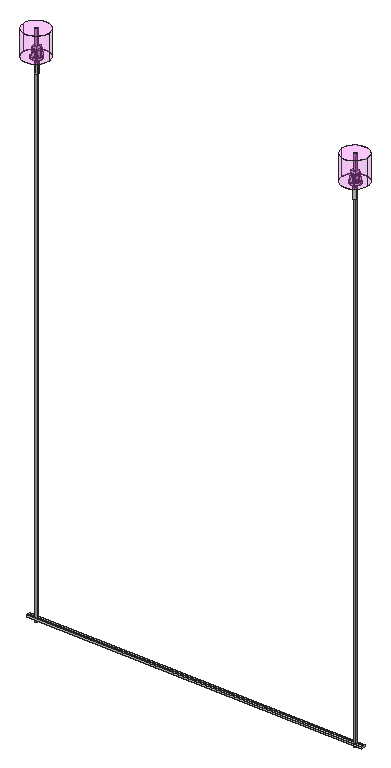
Revit family "TRAPEZE HANGER - DUCTWORK", category Generic Models, Revit 2019
Family settings
  Can host rebar = No
  Round Connector Dimension = Use Diameter
  Part Type = Normal
  Work Plane-Based = No
  Always vertical = Yes
  Cut with Voids When Loaded = No
  Shared = No
  Room Calculation Point = No
Parameters (values of type "P7000")
  Unistrut Length [instance] = 0' - 10.70469"
  Unistrut Width = 0' - 0 13/16"
  Unistrut Depth = 0' - 0 13/32"
  SLAB THICKNESS [instance] = 0' - 6"
  Duct Width [instance] = 6' - 0"
  Duct Height [instance] = 0' - 6 3/4"
  B2B Strut = no
  Anchor Elevation [instance] = 10' - 0"
Types (7): name | Unistrut Width | Unistrut Depth | SLAB THICKNESS | B2B Strut
  P1000 | 0' - 1 5/8" | 0' - 1 5/8" | 0' - 6" | no
  P3300 | 0' - 1 5/8" | 0' - 0 7/8" | 0' - 7.57061" | no
  P1001 | 0' - 1 5/8" | 0' - 1 5/8" | 0' - 7.57061" | yes
  P7001 | 0' - 0 13/16" | 0' - 0 13/32" | 0' - 6" | yes
  MUILTIPLE PIPE HANGER - Trapeze Hanger | 0' - 0 13/16" | 0' - 1 5/8" | 0' - 7.57061" | yes
  P3301 | 0' - 1 5/8" | 0' - 0 7/8" | 0' - 7.57061" | yes
  P7000 | 0' - 0 13/16" | 0' - 0 13/32" | 0' - 6" | no
Reference planes (in)
  plane 1 "Center (Front/Back)": y = 0
  plane 2: z = 0
  plane 3 "Center (Left/Right)": x = 0
  plane 4: z = 120
  plane 5: x = 37.25
  plane 6: x = -37.25
  plane 7: x = 39.25
  plane 8: x = -39.25
  plane 9: z = -3.78125
  plane 10: y = -0.40625
  plane 11: y = 0.40625
  plane 12: x = 36
  plane 13: x = -36
  plane 14: z = -3.375
  plane 15: z = 3.375
  plane 16: z = -4.28125
  plane 17: z = -4.1875
  plane 18 "bottom of slab": z = 114
  plane 19: z = 115.974
Forms (in)
  Extrusion 1, solid, material "Default"
    sketch origin (3.35234, 0, 0) x (1, 0, 0) y (0, 1, 0)
      loop
        circle (33.89766, 0) r 0.25
    from -4.28125 to 120
  Extrusion 2, solid, material "Default"
    sketch origin (-3.35234, 0, 0) x (1, 0, 0) y (0, 1, 0)
      loop
        circle (-33.89766, 0) r 0.25
    from -4.28125 to 120
  Extrusion 3, solid
    sketch origin (0, 0, 0) x (0, 1, 0) y (0, 0, 1)
      loop
        line (0.40625, -3.375) -> (0.03125, -3.375) -> (0.03125, -3.625) -> (0.15625, -3.625) -> (0.15625, -3.5) -> (0.28125, -3.5) -> (0.28125, -3.65625) -> (-0.28125, -3.65625) -> (-0.28125, -3.5) -> (-0.15625, -3.5) -> (-0.15625, -3.625) -> (-0.03125, -3.625) -> (-0.03125, -3.375) -> (-0.40625, -3.375) -> (-0.40625, -3.78125) -> (0.40625, -3.78125) -> (0.40625, -3.375)
    from 39.25 to -39.25
  Extrusion 4, solid, visible <- "B2B Strut"
    sketch origin (0, 0, -10) x (0, 1, 0) y (0, 0, 1)
      loop
        line (0.40625, 5.8125) -> (0.40625, 6.21875) -> (-0.40625, 6.21875) -> (-0.40625, 5.8125) -> (-0.03125, 5.8125) -> (-0.03125, 6.0625) -> (-0.15625, 6.0625) -> (-0.15625, 5.9375) -> (-0.28125, 5.9375) -> (-0.28125, 6.09375) -> (0.28125, 6.09375) -> (0.28125, 5.9375) -> (0.15625, 5.9375) -> (0.15625, 6.0625) -> (0.03125, 6.0625) -> (0.03125, 5.8125) -> (0.40625, 5.8125)
    from 39.25 to -39.25
Dimensions and locks (in)
  "Anchor Elevation": level to plane 4
  plane 9 to level = 0' - 3 25/32"
  "Unistrut Width": plane 11 to plane 10
  locked: plane 8 to plane 6 at 2
  locked: plane 5 to plane 7 at 2
  "Duct Width": plane 13 to plane 12
  equal spacing: plane 6, plane 3 "Center (Left/Right)", plane 5
  locked: plane 12 to plane 5 at 1.25
  locked: plane 6 to plane 13 at 1.25
  "Unistrut Depth": plane 14 to plane 9
  equal spacing: plane 15, level, plane 14
  "Duct Height": plane 15 to plane 14
  plane 9 to plane 14 = 0' - 0 13/32"
  locked: Extrusion 3 sketch curve to Extrusion 3 sketch curve at 0.125  (x2)
  Extrusion 3 sketch curve to Extrusion 3 sketch curve to Extrusion 3 sketch curve = 0' - 0 1/8" locked, 0' - 0 1/8" locked  (x2)
  locked: plane 9 to plane 16 at 0.5
  equal spacing: plane 11, plane 1 "Center (Front/Back)", plane 10
  Extrusion 4 sketch curve to Extrusion 4 sketch curve to Extrusion 4 sketch curve = 0' - 0 1/8" locked, 0' - 0 1/8" locked  (x4)
  "Unistrut Depth": plane 9 to plane 17
  locked: Extrusion 3 to Extrusion 4 sketch curve at 0.125
  locked: Extrusion 4 sketch curve to Extrusion 4 sketch curve at 0.125  (x2)
  "SLAB THICKNESS": plane 4 to plane 18 "bottom of slab"
  locked: plane 19 to plane 18 "bottom of slab" at 1.974
  aligned and locked: plane 2 to level
  aligned and locked: Extrusion 1 to plane 4
  aligned and locked: plane 4 to Extrusion 2
  aligned and locked: Extrusion 3 sketch curve to plane 14  (x2)
  aligned and locked: plane 7 to Extrusion 3
  aligned and locked: Extrusion 3 to plane 8
  aligned and locked: Extrusion 3 to plane 9  (x2)
  aligned and locked: Extrusion 3 to plane 14
  aligned and locked: plane 14 to Extrusion 3  (x2)
  aligned and locked: Extrusion 2 to plane 16
  aligned and locked: Extrusion 1 to plane 16
  aligned and locked: plane 5 to nested 1
  aligned and locked: plane 6 to nested 2
  aligned and locked: plane 1 "Center (Front/Back)" to nested 1
  aligned and locked: nested 2 to plane 1 "Center (Front/Back)"
  aligned and locked: plane 9 to Extrusion 4
  aligned and locked: plane 7 to Extrusion 4
  aligned and locked: Extrusion 4 to plane 8
  aligned and locked: Extrusion 4 sketch curve to plane 17  (x2)
  aligned and locked: plane 9 to Extrusion 4 sketch curve
  aligned and locked: plane 18 "bottom of slab" to nested 3
  aligned and locked: nested 3 to plane 5
  aligned and locked: nested 3 to plane 1 "Center (Front/Back)"
  aligned and locked: plane 18 "bottom of slab" to nested 4
  aligned and locked: plane 18 "bottom of slab" to nested 6
  aligned and locked: nested 3 to plane 18 "bottom of slab"
  aligned and locked: plane 18 "bottom of slab" to nested 5
  aligned and locked: nested 5 to plane 5
  aligned and locked: nested 4 to plane 6
  aligned and locked: nested 6 to plane 6
  aligned and locked: nested 6 to plane 1 "Center (Front/Back)"
  aligned and locked: nested 4 to plane 1 "Center (Front/Back)"
  aligned and locked: nested 5 to plane 1 "Center (Front/Back)"
  aligned and locked: nested 2 to plane 19
  aligned and locked: plane 19 to nested 1
Automatic sketch dimensions
  plane 1 "Center (Front/Back)" to Extrusion 1 sketch curve = 0' - 0"
  Extrusion 1 sketch curve to plane 5 = 0' - 0"
  plane 1 "Center (Front/Back)" to Extrusion 2 sketch curve = 0' - 0"
  Extrusion 2 sketch curve to plane 6 = 0' - 0"
  Extrusion 3 sketch curve to plane 9 = 0' - 0"
  Extrusion 3 sketch curve to plane 10 = 0' - 0"
  Extrusion 3 sketch curve to plane 11 = 0' - 0"
  Extrusion 3 sketch curve to plane 10 = 0' - 0 1/8"
  Extrusion 3 sketch curve to Extrusion 3 sketch curve = 0' - 0 3/8"
  plane 9 to Extrusion 3 sketch curve = 0' - 0 1/8"
  Extrusion 3 sketch curve to plane 14 = 0' - 0 1/4"  (x2)
  Extrusion 4 sketch curve to plane 10 = 0' - 0"
  Extrusion 4 sketch curve to plane 11 = 0' - 0"
  radius of Extrusion 1 sketch curve = 0' - 0 1/4"
  radius of Extrusion 2 sketch curve = 0' - 0 1/4"
Nested families (in)
  nested 1: "GTP" at (37.25, 0, 115.974), type "DEWALT Hanger Pt"
    with PointRole "Stake Out", PointNumber "", PointElement "", PointDescription "Hanger Pt", LinkedParam ""
  nested 2: "GTP" at (-37.25, 0, 115.974) x (-1, 0, 0) z (0, 0, 1), type "DEWALT Hanger Pt"
    with PointRole "Stake Out", PointNumber "", PointElement "", PointDescription "Hanger Pt", LinkedParam ""
  nested 3: "DEWALT Wood Knocker 2" at (37.25, 0, 114) x (-1, 0, 0) z (0, 0, 1), type "Anchor - DEWALT - PFM2521100"
    with Tension Demand 0.00 lbf, Tension DCR 0, Tension Capacity 0.00 lbf, Shear Demand 0.00 lbf, Shear DCR 0, Shear Capacity 0.00 lbf, Prefab ID "", Point Visibility no, Point Description "", Interaction DCR 0, Hanger Assembly ID "1", GTP_PointRole_0 "", GTP_PointNumber_0 "", GTP_PointElement_0 "", GTP_LinkedParam_0 "GTP_PointNumber_0", Deck Elevation 0' - 0", DCR 0, ANCHOR CLEARANCE yes
  nested 4: "DEWALT Wood Knocker 2" at (-37.25, 0, 114) x (-1, 0, 0) z (0, 0, 1), type "Anchor - DEWALT - PFM2521100"
    with Tension Demand 0.00 lbf, Tension DCR 0, Tension Capacity 0.00 lbf, Shear Demand 0.00 lbf, Shear DCR 0, Shear Capacity 0.00 lbf, Prefab ID "", Point Visibility no, Point Description "", Interaction DCR 0, Hanger Assembly ID "1", GTP_PointRole_0 "", GTP_PointNumber_0 "", GTP_PointElement_0 "", GTP_LinkedParam_0 "GTP_PointNumber_0", Deck Elevation 0' - 0", DCR 0, ANCHOR CLEARANCE yes
  nested 5: "TE_BLUE BANGER" at (37.25, 0, 114) x (-1, 0, 0) z (0, 0, 1), type "Default"
    with Tension Demand 0.00 lbf, Tension DCR 0, Tension Capacity 0.00 lbf, Shear Demand 0.00 lbf, Shear DCR 0, Shear Capacity 0.00 lbf, Prefab ID "", Point Visibility no, Point Description "", Interaction DCR 0, Hanger Assembly ID "1", GTP_PointRole_0 "", GTP_PointNumber_0 "", GTP_PointElement_0 "", GTP_LinkedParam_0 "GTP_PointNumber_0", Deck Elevation 0' - 0", DCR 0, ANCHOR CLEARANCE yes
  nested 6: "TE_BLUE BANGER" at (-37.25, 0, 114) x (-1, 0, 0) z (0, 0, 1), type "Default"
    with Tension Demand 0.00 lbf, Tension DCR 0, Tension Capacity 0.00 lbf, Shear Demand 0.00 lbf, Shear DCR 0, Shear Capacity 0.00 lbf, Prefab ID "", Point Visibility no, Point Description "", Interaction DCR 0, Hanger Assembly ID "1", GTP_PointRole_0 "", GTP_PointNumber_0 "", GTP_PointElement_0 "", GTP_LinkedParam_0 "GTP_PointNumber_0", Deck Elevation 0' - 0", DCR 0, ANCHOR CLEARANCE yes
Definition of nested family "GTP"
  Parameters (values of type "DEWALT Hanger Pt")
    URL = "www.gogtp.com"
    PointRole [instance] = "Stake Out"
    PointNumber [instance] = ""
    PointElement [instance] = ""
    PointDescription [instance] = "Hanger Pt"
    Manufacturer = "Get the Point, LLC"
    LinkedParam [instance] = ""
  Reference planes (in)
    plane 1 "Center (Front/Back)": y = 0
    plane 2: z = 0
    plane 3 "Center (Left/Right)": x = 0
  Forms (in)
    Extrusion 1, solid, detail levels medium+fine
      sketch origin (0, 0, 0) x (1, 0, 0) y (0, 1, 0)
        loop
          line (0.5, -0.5) -> (0.5, 0.5) -> (-0.5, 0.5) -> (-0.5, -0.5) -> (0.5, -0.5)
      from -0.5 to 0.5
  Lines and regions (in)
    model lines, detail levels coarse+medium
      curve 1: line (0, 0.5, 0) -> (0, 0, 0)
      curve 2: line (-0.5, 0, 0) -> (0, 0, 0)
      curve 3: line (0, 0, -0.5) -> (0, 0, 0)
      curve 4: line (0, 0, 0) -> (0.5, 0, 0)
      curve 5: line (0, 0, 0) -> (0, -0.5, 0)
      curve 6: line (0, 0, 0) -> (0, 0, 0.5)
Definition of nested family "DEWALT Wood Knocker 2"
  Parameters (values of type "Anchor - DEWALT - PFM2521300")
    ≥ 5/8" = Rod Diameter > 0' 0 1/2"  # yes
    ≤ 1/2" = not([≥ 5/8"])  # no
    Weight = 0.00 lbm
    URL = "http://anchors.dewalt.com/anchors/products/mechanical-anchors/wood-knocker2plus.php"
    UPC = ""
    Type Comments = "DEWALT Wood Knocker 2"
    Tension Demand [instance] = 0.00 lbf
    Tension DCR [instance] = 0
    Tension Capacity [instance] = 0.00 lbf
    Shear Demand [instance] = 0.00 lbf
    Shear DCR [instance] = 0
    Shear Capacity [instance] = 0.00 lbf
    Rod Zone of Influence Radius = 0' - 6"
    Rod Diameter = 0' - 0 3/4"
    Prefab ID [instance] = ""
    Point Visibility [instance] = no
    Point Description [instance] = ""
    Part Number = "PFM2521300"
    Model = "Wood-Knocker®II+"
    Manufacturer = "DeWALT® Anchors & Fasteners"
    Interaction DCR [instance] = 0
    Hanger Assembly ID [instance] = "1"
    HPH = "335RL5101J"
    GTP_PointRole_0 [instance] = ""
    GTP_PointNumber_0 [instance] = ""
    GTP_PointElement_0 [instance] = ""
    GTP_LinkedParam_0 [instance] = "GTP_PointNumber_0"
    Description = "WOODKNOCKER 2 INSERT 0.750"
    Default Elevation = 0' - 0"  # constant formula
    Deck Elevation [instance] = 0' - 0"
    DCR [instance] = 0
    Cost = 3.06
    Anchor Support Recess Depth = 0' - 1 1/8"
    ANCHOR CLEARANCE [instance] = yes
  Types (2): name | ≥ 5/8" | ≤ 1/2" | Rod Diameter | Part Number | HPH | Description | Cost | Anchor Support Recess Depth
    Anchor - DEWALT - PFM2521300 | yes | no | 0' - 0 3/4" | "PFM2521300" | "335RL5101J" | "WOODKNOCKER 2 INSERT 0.750" | 3.06 | 0' - 1 1/8"
    Anchor - DEWALT - PFM2521100 | no | yes | 0' - 0 1/4" | "PFM2521100" | "335RL5101B" | "WOODKNOCKER 2 INSERT 0.250" | 2.03 | 0' - 0 3/8"
  Reference planes (in)
    plane 1 "Center (Front/Back)": y = 0
    plane 2 "REF": z = 0
    plane 3 "Center (Left/Right)": x = 0
    plane 4 "Head Height": z = 1.97441
    plane 5 "Nail Depth": z = -0.83829
    plane 6: z = 0.15748
    plane 7: z = 1.84921
    plane 8 "PointBase": z = -0.64816
    plane 9 "Elevation": z = 0
    plane 10: x = -0.28109
    plane 11: x = 0.67385
    plane 12: x = -0.33604
    plane 13: x = -0.33604
    plane 14: z = 1.125
    plane 15: z = 1.07087
    plane 16: z = 0.46883
    plane 17: z = 1.77953
    plane 18: z = 6
  Forms (in)
    Extrusion 1, solid
      sketch origin (0, 0, 0) x (1, 0, 0) y (0, 1, 0)
        loop
          line (-48, 48) -> (-48, -48) -> (48, -48) -> (48, 48) -> (-48, 48)
      from 0 to -12
    Extrusion 2, solid
      sketch origin (0.1137, 0.04621, 0) x (1, 0, 0) y (0, 1, 0)
        loop
          circle (0.56015, -0.04621) r 0.05494
      from 0 to -0.64816
    Revolve 3, solid
      sketch origin (0.1137, 0, 0) x (1, 0, 0) y (0, 0, 1)
        loop
          line (0.56015, -0.83829) -> (0.61509, -0.64816) -> (0.56015, -0.64816) -> (0.56015, -0.83829)
        axis (0.56015, -0.83829) -> (0.56015, -0.64816)
      angle from 0 to 360
    Extrusion 4, solid
      sketch origin (-0.89618, 0.14479, 0) x (1, 0, 0) y (0, 1, 0)
        loop
          circle (0.56015, 0.43886) r 0.05494
      from 0 to -0.64816
    Revolve 5, solid
      sketch origin (-0.05494, -0.58365, 0) x (-1, 0, 0) y (0, 0, 1)
        loop
          line (0.28109, -0.83829) -> (0.28109, -0.64816) -> (0.22615, -0.64816) -> (0.28109, -0.83829)
        axis (0.28109, -0.83829) -> (0.28109, -0.64816)
      angle from 0 to 360
    Revolve 6, solid
      sketch origin (-0.05494, 0.58365, 0) x (-1, 0, 0) y (0, 0, 1)
        loop
          line (0.28109, -0.83829) -> (0.28109, -0.64816) -> (0.22615, -0.64816) -> (0.28109, -0.83829)
        axis (0.28109, -0.83829) -> (0.28109, -0.64816)
      angle from 0 to 360
    Extrusion 7, solid
      sketch origin (-0.89618, -0.53744, 0) x (1, 0, 0) y (0, 1, 0)
        loop
          circle (0.56015, -0.04621) r 0.05494
      from 0 to -0.64816
    Extrusion 8, solid
      sketch origin (0, 0, 0) x (1, 0, 0) y (0, 1, 0)
        loop
          line (-0.55168, 0.67832) -> (-0.86328, 0.13861) -> (-0.86328, -0.13861) -> (-0.55168, -0.67832) -> (-0.3116, -0.81693) -> (0.3116, -0.81693) -> (0.55168, -0.67832) -> (0.86328, -0.13861) -> (0.86328, 0.13861) -> (0.55168, 0.67832) -> (0.3116, 0.81693) -> (-0.3116, 0.81693) -> (-0.55168, 0.67832)
      from 1.84921 to 1.97441
    Extrusion 9, solid
      sketch origin (0, 0, 0) x (1, 0, 0) y (0, 1, 0)
        loop
          circle (0, 0) r 1.1875
      from 0 to 0.15748
    Extrusion 10, solid
      sketch origin (0, 0, 0) x (1, 0, 0) y (0, 1, 0)
        loop
          arc (0.56216, -0.08377) -> (0.81234, -0.0014) -> (0.56386, 0.08598) r 0.13912
          arc (0.56386, 0.08598) -> (0.28519, 0.49397) -> (-0.20747, 0.53131) r 0.57038
          arc (-0.20747, 0.53131) -> (-0.40689, 0.70309) -> (-0.35474, 0.4451) r 0.13912
          arc (-0.35474, 0.4451) -> (-0.56917, 0) -> (-0.35474, -0.4451) r 0.56917
          arc (-0.35474, -0.4451) -> (-0.40569, -0.70379) -> (-0.20853, -0.52873) r 0.13912
          arc (-0.20853, -0.52873) -> (0.28418, -0.49222) -> (0.56216, -0.08377) r 0.56837
      from 0.15748 to 1.84921
    Blend 11, solid
      base sketch origin (0, 0, 0) x (1, 0, 0) y (0, 1, 0)
        loop
          line (0.81235, -0.03303) -> (1.17835, -0.03303) -> (1.17835, 0.03317) -> (0.81235, 0.03317) -> (0.81235, -0.03303)
      top sketch origin (0, 0, 0) x (1, 0, 0) y (0, 1, 0)
        loop
          line (1.00811, 0.03317) -> (0.81235, 0.03317) -> (0.81235, -0.03303) -> (1.00811, -0.03303) -> (1.00811, 0.03317)
      from 0.15748 to 1.77953
    Blend 12, solid
      base sketch origin (0.24034, 0, 0) x (-1, 0, 0) y (0, -1, 0)
        loop
          line (0.80952, 0.03303) -> (0.80952, -0.03317) -> (1.40102, -0.03317) -> (1.40102, 0.03303) -> (0.80952, 0.03303)
      top sketch origin (0.24034, 0, 0) x (-1, 0, 0) y (0, -1, 0)
        loop
          line (0.88764, -0.03317) -> (0.88764, 0.03303) -> (0.80952, 0.03303) -> (0.80952, -0.03317) -> (0.88764, -0.03317)
      from 0.15748 to 1.07087
    Blend 13, solid
      base sketch origin (0, 0, 0) x (-0.500814, 0.865555, 0) y (-0.865555, -0.500814, 0)
        loop
          line (0.81235, -0.03303) -> (1.17835, -0.03303) -> (1.17835, 0.03317) -> (0.81235, 0.03317) -> (0.81235, -0.03303)
      top sketch origin (0, 0, 0) x (-0.500814, 0.865555, 0) y (-0.865555, -0.500814, 0)
        loop
          line (1.00811, 0.03317) -> (0.81235, 0.03317) -> (0.81235, -0.03303) -> (1.00811, -0.03303) -> (1.00811, 0.03317)
      from 0.15748 to 1.77953
    Blend 14, solid
      base sketch origin (-0.12037, 0.20803, 0) x (0.500814, -0.865555, 0) y (0.865555, 0.500814, 0)
        loop
          line (0.80952, 0.03303) -> (0.80952, -0.03317) -> (1.40102, -0.03317) -> (1.40102, 0.03303) -> (0.80952, 0.03303)
      top sketch origin (-0.12037, 0.20803, 0) x (0.500814, -0.865555, 0) y (0.865555, 0.500814, 0)
        loop
          line (0.88764, -0.03317) -> (0.88764, 0.03303) -> (0.80952, 0.03303) -> (0.80952, -0.03317) -> (0.88764, -0.03317)
      from 0.15748 to 1.07087
    Blend 15, solid
      base sketch origin (0, 0, 0) x (-0.499476, -0.866328, 0) y (0.866328, -0.499476, 0)
        loop
          line (0.81235, -0.03303) -> (1.17835, -0.03303) -> (1.17835, 0.03317) -> (0.81235, 0.03317) -> (0.81235, -0.03303)
      top sketch origin (0, 0, 0) x (-0.499476, -0.866328, 0) y (0.866328, -0.499476, 0)
        loop
          line (1.00811, 0.03317) -> (0.81235, 0.03317) -> (0.81235, -0.03303) -> (1.00811, -0.03303) -> (1.00811, 0.03317)
      from 0.15748 to 1.77953
    Blend 16, solid
      base sketch origin (-0.12005, -0.20822, 0) x (0.499476, 0.866328, 0) y (-0.866328, 0.499476, 0)
        loop
          line (0.80952, 0.03303) -> (0.80952, -0.03317) -> (1.40102, -0.03317) -> (1.40102, 0.03303) -> (0.80952, 0.03303)
      top sketch origin (-0.12005, -0.20822, 0) x (0.499476, 0.866328, 0) y (-0.866328, 0.499476, 0)
        loop
          line (0.88764, -0.03317) -> (0.88764, 0.03303) -> (0.80952, 0.03303) -> (0.80952, -0.03317) -> (0.88764, -0.03317)
      from 0.15748 to 1.07087
    Extrusion 17, solid, visible <- "ANCHOR CLEARANCE"
      sketch origin (0, 0, 0) x (1, 0, 0) y (0, 1, 0)
        loop
          circle (0.00001, 0) r 3
      from 0 to 6
  Dimensions and locks (in)
    plane 7 to plane 6 = 0' - 1.69173"
    plane 4 "Head Height" to plane 7 = 0' - 0.1252"
    plane 8 "PointBase" to plane 5 "Nail Depth" = 0' - 0.19013"
    "Deck Elevation": plane 9 "Elevation" to plane 2 "REF"
    plane 9 "Elevation" to plane 8 "PointBase" = 0' - 0.64816"
    plane 6 to plane 9 "Elevation" = 0' - 0.15748"
    "Anchor Support Recess Depth": plane 14 to plane 9 "Elevation"
    plane 16 to plane 6 = 0' - 0.31135"
    plane 15 to plane 16 = 0' - 0.60203"
    plane 17 to plane 15 = 0' - 0.70866"
    locked: plane 18 to Extrusion 9 at 6
    aligned and locked: plane 2 "REF" to Extrusion 1
    aligned and locked: level to Extrusion 1
    aligned and locked: plane 1 "Center (Front/Back)" to nested 1
    aligned and locked: nested 1 to plane 3 "Center (Left/Right)"
    aligned and locked: plane 8 "PointBase" to Revolve 6
    aligned and locked: plane 8 "PointBase" to Revolve 5
    aligned and locked: Revolve 3 to plane 8 "PointBase"
    aligned and locked: plane 8 "PointBase" to Extrusion 4
    aligned and locked: plane 8 "PointBase" to Extrusion 7
    aligned and locked: plane 8 "PointBase" to Extrusion 2
    aligned and locked: plane 9 "Elevation" to Extrusion 7
    aligned and locked: plane 9 "Elevation" to Extrusion 4
    aligned and locked: plane 9 "Elevation" to Extrusion 2
    aligned and locked: Extrusion 9 to plane 9 "Elevation"
    aligned and locked: Extrusion 10 to plane 6
    aligned and locked: Blend 11 to plane 6
    aligned and locked: plane 6 to Extrusion 9
    aligned and locked: plane 17 to Blend 11
    aligned and locked: plane 7 to Extrusion 10
    aligned and locked: Extrusion 8 to plane 7
    aligned and locked: Extrusion 8 to plane 4 "Head Height"
    aligned and locked: Blend 11 to Blend 15
    aligned and locked: Blend 15 to plane 6
    aligned and locked: plane 17 to Blend 13
    aligned and locked: Blend 13 to plane 6
    aligned and locked: plane 15 to Blend 12
    aligned and locked: plane 15 to Blend 14
    aligned and locked: plane 15 to Blend 16
    aligned and locked: Blend 12 to plane 6
    aligned and locked: Blend 14 to plane 6
    aligned and locked: Blend 16 to plane 6
    aligned and locked: plane 3 "Center (Left/Right)" to nested 2
    aligned and locked: plane 1 "Center (Front/Back)" to nested 2
    aligned and locked: plane 9 "Elevation" to nested 2
    aligned and locked: plane 1 "Center (Front/Back)" to nested 3
    aligned and locked: plane 3 "Center (Left/Right)" to nested 3
    aligned and locked: nested 3 to plane 9 "Elevation"
    aligned and locked: plane 18 to Extrusion 17
    aligned and locked: Extrusion 17 to Extrusion 9
  Automatic sketch dimensions
    Extrusion 1 sketch curve to Extrusion 1 sketch curve = 8' - 0"  (x2)
    plane 1 "Center (Front/Back)" to Extrusion 2 sketch curve = 0' - 0"
    plane 3 "Center (Left/Right)" to Extrusion 2 sketch curve = 0' - 0.67385"
    Revolve 3 sketch curve to plane 8 "PointBase" = 0' - 0"
    plane 11 to Revolve 3 sketch curve = 0' - 0"
    Revolve 3 sketch curve to plane 11 = 0' - 0"
    Revolve 3 sketch curve to plane 5 "Nail Depth" = 0' - 0"  (x2)
    Revolve 3 sketch curve to Revolve 3 sketch curve = 0' - 0.05494"
    Revolve 3 sketch curve to Revolve 3 sketch curve = 0' - 0.02339"
    Extrusion 4 sketch curve to plane 10 = 0' - 0.05494"
    Extrusion 4 sketch curve to plane 1 "Center (Front/Back)" = 0' - 0.58365"
    Revolve 5 sketch curve to plane 8 "PointBase" = 0' - 0"
    plane 10 to Revolve 5 sketch curve = 0' - 0"
    plane 12 to Revolve 5 sketch curve = 0' - 0"
    Revolve 5 sketch curve to plane 5 "Nail Depth" = 0' - 0"  (x2)
    Revolve 5 sketch curve to plane 12 = 0' - 0"
    Revolve 5 sketch curve to Revolve 5 sketch curve = 0' - 0.02339"
    Revolve 6 sketch curve to plane 8 "PointBase" = 0' - 0"
    plane 10 to Revolve 6 sketch curve = 0' - 0"
    plane 13 to Revolve 6 sketch curve = 0' - 0"
    Revolve 6 sketch curve to plane 5 "Nail Depth" = 0' - 0"  (x2)
    Revolve 6 sketch curve to plane 13 = 0' - 0"
    Revolve 6 sketch curve to Revolve 6 sketch curve = 0' - 0.02339"
    Extrusion 7 sketch curve to plane 10 = 0' - 0.05494"
    plane 1 "Center (Front/Back)" to Extrusion 7 sketch curve = 0' - 0.58365"
    Extrusion 8 sketch curve to plane 1 "Center (Front/Back)" = 0' - 0.13861"  (x2)
    Extrusion 8 sketch curve to plane 10 = 0' - 0.58219"
    Extrusion 8 sketch curve to plane 10 = 0' - 0.27059"  (x2)
    Extrusion 8 sketch curve to plane 10 = 0' - 0.03051"  (x2)
    plane 3 "Center (Left/Right)" to Extrusion 8 sketch curve = 0' - 0.3116"  (x2)
    Extrusion 8 sketch curve to Extrusion 8 sketch curve = 0' - 0.24008"  (x2)
    plane 1 "Center (Front/Back)" to Extrusion 8 sketch curve = 0' - 0.13861"  (x2)
    Extrusion 8 sketch curve to Extrusion 8 sketch curve = 0' - 0.3116"
    Extrusion 8 sketch curve to Extrusion 8 sketch curve = 0' - 0.53971"  (x4)
    Extrusion 8 sketch curve to Extrusion 8 sketch curve = 0' - 0.13861"  (x2)
    plane 1 "Center (Front/Back)" to Extrusion 9 sketch curve = 0' - 0"
    Extrusion 9 sketch curve to plane 3 "Center (Left/Right)" = 0' - 0"
    Extrusion 10 sketch curve to Extrusion 10 sketch curve = 0' - 0"  (x6)
    plane 1 "Center (Front/Back)" to Extrusion 10 sketch curve = 0' - 0"  (x2)
    Extrusion 10 sketch curve to plane 3 "Center (Left/Right)" = 0' - 0"
    Extrusion 10 sketch curve to plane 10 = 0' - 0.05552"  (x2)
    Extrusion 10 sketch curve to Extrusion 10 sketch curve = 0' - 0.67323"
    plane 1 "Center (Front/Back)" to Extrusion 10 sketch curve = 0' - 0.58303"
    Extrusion 10 sketch curve to plane 1 "Center (Front/Back)" = 0' - 0.58303"
    plane 10 to Extrusion 10 sketch curve = 0' - 0.07362"
    plane 10 to Extrusion 10 sketch curve = 0' - 0.07256"
    Extrusion 10 sketch curve to plane 10 = 0' - 0.07365"  (x2)
    Extrusion 10 sketch curve to Extrusion 10 sketch curve = 0' - 0.11107"
    Extrusion 10 sketch curve to plane 1 "Center (Front/Back)" = 0' - 0.08598"
    Blend 11 sketch curve to plane 1 "Center (Front/Back)" = 0' - 0.03317"  (x2)
    plane 3 "Center (Left/Right)" to Blend 11 sketch curve = 0' - 0.81235"  (x2)
    plane 1 "Center (Front/Back)" to Blend 11 sketch curve = 0' - 0.03303"  (x2)
    Blend 11 sketch curve to Blend 11 sketch curve = 0' - 0.366"
    Blend 11 sketch curve to Blend 11 sketch curve = 0' - 0.19576"
    plane 1 "Center (Front/Back)" to Blend 12 sketch curve = 0' - 0.03317"  (x2)
    plane 10 to Blend 12 sketch curve = 0' - 0.28808"  (x2)
    Blend 12 sketch curve to plane 1 "Center (Front/Back)" = 0' - 0.03303"  (x2)
    Blend 12 sketch curve to Blend 12 sketch curve = 0' - 0.5915"
    Blend 12 sketch curve to Blend 12 sketch curve = 0' - 0 5/64"
    Blend 13 sketch curve to plane 10 = 0' - 0.15445"  (x2)
    Blend 13 sketch curve to plane 1 "Center (Front/Back)" = 0' - 0.68652"  (x2)
    Blend 13 sketch curve to Blend 13 sketch curve = 0' - 0.366"
    Blend 13 sketch curve to Blend 13 sketch curve = 0' - 0.0662"  (x2)
    Blend 13 sketch curve to Blend 13 sketch curve = 0' - 0.19576"
    Blend 14 sketch curve to plane 3 "Center (Left/Right)" = 0' - 0.25634"  (x2)
    Blend 14 sketch curve to plane 1 "Center (Front/Back)" = 0' - 0.50926"  (x2)
    Blend 14 sketch curve to Blend 14 sketch curve = 0' - 0.5915"
    Blend 14 sketch curve to Blend 14 sketch curve = 0' - 0.0662"  (x2)
    Blend 14 sketch curve to Blend 14 sketch curve = 0' - 0 5/64"
    Blend 15 sketch curve to plane 10 = 0' - 0.09592"  (x2)
    plane 1 "Center (Front/Back)" to Blend 15 sketch curve = 0' - 0.72032"  (x2)
    Blend 15 sketch curve to Blend 15 sketch curve = 0' - 0.366"
    Blend 15 sketch curve to Blend 15 sketch curve = 0' - 0.0662"  (x2)
    Blend 15 sketch curve to Blend 15 sketch curve = 0' - 0.19576"
    Blend 16 sketch curve to plane 3 "Center (Left/Right)" = 0' - 0.31302"  (x2)
    plane 1 "Center (Front/Back)" to Blend 16 sketch curve = 0' - 0.47652"  (x2)
    Blend 16 sketch curve to Blend 16 sketch curve = 0' - 0.5915"
    Blend 16 sketch curve to Blend 16 sketch curve = 0' - 0.0662"  (x2)
    Blend 16 sketch curve to Blend 16 sketch curve = 0' - 0 5/64"
    plane 1 "Center (Front/Back)" to Extrusion 17 sketch curve = 0' - 0"
    plane 3 "Center (Left/Right)" to Extrusion 17 sketch curve = 0' - 0"
    radius of Extrusion 2 sketch curve = 0' - 0.05494"
    radius of Extrusion 4 sketch curve = 0' - 0.05494"
    radius of Extrusion 7 sketch curve = 0' - 0.05494"
    radius of Extrusion 9 sketch curve = 0' - 1 3/16"
    radius of Extrusion 17 sketch curve = 0' - 3"
  Nested families (in)
    nested 1: "Target" at (0, 0, 0) x (0, -1, 0) z (0, 0, 1), type "Target"
    nested 2: "GTP" at (0, 0, 0), PointNumber <- "GTP_PointNumber_0", PointRole <- "GTP_PointRole_0", PointElement <- "GTP_PointElement_0", LinkedParam <- "GTP_LinkedParam_0", PointDescription <- "Point Description", visible <- "Point Visibility", type "DEWALT Hanger Pt"
      with PointRole "", PointNumber "", PointElement "", PointDescription "", LinkedParam "GTP_PointNumber_0"
    nested 3: "Trmb_FieldPoints_MarkerGraphic_Hanger Point" at (0, 0, 0), visible <- "Point Visibility", type "MarkerTFP"
  Definition of nested family "GTP"
    Parameters (values of type "DEWALT Hanger Pt")
      URL = "www.gogtp.com"
      PointRole [instance] = "Stake Out"
      PointNumber [instance] = ""
      PointElement [instance] = ""
      PointDescription [instance] = "Hanger Pt"
      Manufacturer = "Get the Point, LLC"
      LinkedParam [instance] = ""
    Reference planes (in)
      plane 1 "Center (Front/Back)": y = 0
      plane 2: z = 0
      plane 3 "Center (Left/Right)": x = 0
    Forms (in)
      Extrusion 1, solid, detail levels medium+fine
        sketch origin (0, 0, 0) x (1, 0, 0) y (0, 1, 0)
          loop
            line (0.5, -0.5) -> (0.5, 0.5) -> (-0.5, 0.5) -> (-0.5, -0.5) -> (0.5, -0.5)
        from -0.5 to 0.5
    Lines and regions (in)
      model lines, detail levels coarse+medium
        curve 1: line (0, 0.5, 0) -> (0, 0, 0)
        curve 2: line (-0.5, 0, 0) -> (0, 0, 0)
        curve 3: line (0, 0, -0.5) -> (0, 0, 0)
        curve 4: line (0, 0, 0) -> (0.5, 0, 0)
        curve 5: line (0, 0, 0) -> (0, -0.5, 0)
        curve 6: line (0, 0, 0) -> (0, 0, 0.5)
  Definition of nested family "Target"
    Reference planes (in)
      plane 1 "Center (Front/Back)": y = 0
      plane 2: z = 0
      plane 3 "Center (Left/Right)": x = 0
    Lines and regions (in)
      Filled region 1, type "Solid Fill - Black", in view "Ref. Level"
        outline origin (0, 0, 0) x (1, 0, 0) y (0, 1, 0)
          loop
            line (-1, 0) -> (0, 0) -> (0, 1)
            arc (0, 1) -> (-0.70711, 0.70711) -> (-1, 0) r 1
      Filled region 2, type "Solid Fill - Black", in view "Ref. Level"
        outline origin (0, 0, 0) x (1, 0, 0) y (0, 1, 0)
          loop
            arc (0, -1) -> (0.70711, -0.70711) -> (1, 0) r 1
            line (1, 0) -> (0, 0) -> (0, -1)
      detail lines, in view "Ref. Level"
        curve 1: circle (0, 0, 0) r 1 normal (0, 0, 1)
  Definition of nested family "Trmb_FieldPoints_MarkerGraphic_Hanger Point"
    Parameters (values of type "MarkerTFP")
      Default Elevation = 4' - 0"
    Reference planes (in)
      plane 1 "Center (Front/Back)": y = 0
      plane 2: z = 0
      plane 3 "Center (Left/Right)": x = 0
    Lines and regions (in)
      model lines
        curve 1: line (0.00001, 0, 0) -> (0.00001, 1, 0)
        curve 2: line (0.00001, 0, 0) -> (-0.99999, 0, 0)
        curve 3: line (0.00001, 0, 0) -> (0.00001, -1, 0)
        curve 4: line (0.00001, 0, 0) -> (1.00001, 0, 0)
        curve 5: line (0.00001, 0, 0) -> (0.00001, 0, -1)
        curve 11: line (0.00001, 0, 1) -> (0.00001, 0, 0)
      model lines, not visible
        curve 6: line (0, 0, 0) -> (0, 1, 0)
        curve 7: line (0, 0, 0) -> (-1, 0, 0)
        curve 8: line (0, 0, 0) -> (0, -1, 0)
        curve 9: line (0, 0, 0) -> (1, 0, 0)
        curve 10: line (0, 0, 0) -> (0, 0, -1)
        curve 12: line (0, 0, 1) -> (0, 0, 0)
    Dimensions and locks (in)
      aligned and locked: level to plane 2
Definition of nested family "TE_BLUE BANGER"
  Parameters (values of type "Default")
    ≥ 5/8" = Rod Diameter > 0' 0 1/2"  # no
    ≤ 1/2" = not([≥ 5/8"])  # yes
    Weight = 0.00 lbm
    URL = "http://anchors.dewalt.com/anchors/_documents/uploads/bang-itplus_manual.pdf?1477063953"
    UPC = ""
    Tension Demand [instance] = 0.00 lbf
    Tension DCR [instance] = 0
    Tension Capacity [instance] = 0.00 lbf
    Shear Demand [instance] = 0.00 lbf
    Shear DCR [instance] = 0
    Shear Capacity [instance] = 0.00 lbf
    Rod Zone of Influence Radius = 0' - 6"
    Rod Diameter = 0' - 0 1/2"
    Prefab ID [instance] = ""
    Point Visibility [instance] = no
    Point Description [instance] = ""
    Part Number = "7543-1/2"
    Interaction DCR [instance] = 0
    Hanger Assembly ID [instance] = "1"
    HPH = ""
    GTP_PointRole_0 [instance] = ""
    GTP_PointNumber_0 [instance] = ""
    GTP_PointElement_0 [instance] = ""
    GTP_LinkedParam_0 [instance] = "GTP_PointNumber_0"
    Model = "Bang-It®+"
    Manufacturer = "DeWALT® Anchors & Fasteners"
    Description = "Concrete insert for installation in and through metal composite deck."
    Default Elevation = 0' - 0"  # constant formula
    Deck Elevation [instance] = 0' - 0"
    DCR [instance] = 0
    Anchor Support Recess Depth = 0' - 0 11/16"
    ANCHOR CLEARANCE [instance] = yes
  Reference planes (in)
    plane 1 "Center (Front/Back)": y = 0
    plane 2: z = 0
    plane 3 "Center (Left/Right)": x = 0
    plane 4 "REF": z = 0
    plane 5: z = -3.386
    plane 6: z = -3.3
    plane 7: z = 0.075
    plane 8: z = 1.843
    plane 9: z = 1.974
    plane 10: z = 6
  Forms (in)
    Extrusion 1, solid
      sketch origin (0, 0, 0) x (1, 0, 0) y (0, 1, 0)
        loop
          line (-48, 48) -> (-48, -48) -> (48, -48) -> (48, 48) -> (-48, 48)
      from 0 to -12
    Extrusion 2, solid, visible <- "≤ 1/2""
      sketch origin (0, 0, 8.31834) x (1, 0, 0) y (0, 1, 0)
        loop
          line (-0.14119, 0.73659) -> (-0.56731, 0.49057) -> (-0.7085, 0.24602) -> (-0.7085, -0.24602) -> (-0.56731, -0.49057) -> (-0.14119, -0.73659) -> (0.14119, -0.73659) -> (0.56731, -0.49057) -> (0.7085, -0.24602) -> (0.7085, 0.24602) -> (0.56731, 0.49057) -> (0.14119, 0.73659) -> (-0.14119, 0.73659)
      from -6.47534 to -6.34434
    Extrusion 3, solid, visible <- "≤ 1/2""
      sketch origin (0, 0, 6.46934) x (0, -1, 0) y (1, 0, 0)
        loop
          line (-0.75, -0.7104) -> (-0.25, -0.7104) -> (-0.25, -1.375) -> (0.25, -1.375) -> (0.25, -0.7104) -> (0.75, -0.7104) -> (0.75, 0.7104) -> (0.25, 0.7104) -> (0.25, 1.375) -> (-0.25, 1.375) -> (-0.25, 0.7104) -> (-0.75, 0.7104) -> (-0.75, -0.7104)
      from -6.46934 to -6.39434
    Extrusion 4, solid, visible <- "≤ 1/2""
      sketch origin (0, 0, 6.46934) x (0, 1, 0) y (-1, 0, 0)
        loop
          circle (0, 0) r 0.3935
        loop
          circle (0, 0) r 0.3125
      from -9.85534 to -6.46934
    Extrusion 5, solid, visible <- "≥ 5/8""
      sketch origin (0, 0, 8.31234) x (1, 0, 0) y (0, 1, 0)
        loop
          line (-0.55091, 0.6798) -> (-0.86418, 0.1372) -> (-0.86418, -0.1372) -> (-0.55091, -0.6798) -> (-0.31327, -0.817) -> (0.31327, -0.817) -> (0.55091, -0.6798) -> (0.86418, -0.1372) -> (0.86418, 0.1372) -> (0.55091, 0.6798) -> (0.31327, 0.817) -> (-0.31327, 0.817) -> (-0.55091, 0.6798)
      from -6.46934 to -6.33834
    Extrusion 6, solid, visible <- "≥ 5/8""
      sketch origin (0, 0, 6.46934) x (0, -1, 0) y (1, 0, 0)
        loop
          line (-0.75, -1.181) -> (-0.25, -1.181) -> (-0.25, -1.75) -> (0.25, -1.75) -> (0.25, -1.181) -> (0.75, -1.181) -> (0.75, 1.181) -> (0.25, 1.181) -> (0.25, 1.75) -> (-0.25, 1.75) -> (-0.25, 1.181) -> (-0.75, 1.181) -> (-0.75, -1.181)
      from -6.46934 to -6.39434
    Extrusion 7, solid, visible <- "≥ 5/8""
      sketch origin (0, 0, 6.46934) x (1, 0, 0) y (0, 1, 0)
        loop
          circle (0, 0) r 0.561
        loop
          circle (0, 0) r 0.4375
      from -9.76934 to -6.46934
    Extrusion 8, solid, visible <- "≤ 1/2""
      sketch origin (0, 0, 8.39334) x (1, 0, 0) y (0, 1, 0)
        loop
          circle (0, 0) r 0.333
      from -8.31834 to -6.55034
    Extrusion 9, solid, visible <- "≥ 5/8""
      sketch origin (0, 0, 8.38734) x (1, 0, 0) y (0, 1, 0)
        loop
          circle (0, 0) r 0.5
      from -8.31234 to -6.54434
    Extrusion 10, solid, visible <- "ANCHOR CLEARANCE"
      sketch origin (0, 0, 0) x (1, 0, 0) y (0, 1, 0)
        loop
          circle (0.00001, 0) r 3
      from 0 to 6
  Cuts and joins
    joined: Extrusion 5, Extrusion 6, Extrusion 9
    joined: Extrusion 2, Extrusion 3, Extrusion 8
  Dimensions and locks (in)
    "Deck Elevation": plane 4 "REF" to plane 2
    plane 9 to plane 4 "REF" = 0' - 1.974"
    plane 4 "REF" to plane 6 = 0' - 3.3"
    plane 4 "REF" to plane 5 = 0' - 3.386"
    plane 7 to plane 4 "REF" = 0' - 0.075"
    plane 9 to plane 8 = 0' - 0.131"
    locked: plane 10 to cut or joined group of Extrusion 5, Extrusion 6, Extrusion 9 at 6
    aligned and locked: plane 2 to Extrusion 1
    aligned and locked: level to Extrusion 1
    aligned and locked: plane 3 "Center (Left/Right)" to nested 1
    aligned and locked: nested 1 to plane 1 "Center (Front/Back)"
    aligned and locked: Extrusion 4 to plane 5
    aligned and locked: Extrusion 7 to plane 6
    aligned and locked: plane 4 "REF" to Extrusion 4
    aligned and locked: plane 4 "REF" to Extrusion 7
    aligned and locked: plane 7 to cut or joined group of Extrusion 2, Extrusion 3, Extrusion 8
    aligned and locked: plane 7 to cut or joined group of Extrusion 5, Extrusion 6, Extrusion 9
    aligned and locked: cut or joined group of Extrusion 5, Extrusion 6, Extrusion 9 to plane 7
    aligned and locked: cut or joined group of Extrusion 2, Extrusion 3, Extrusion 8 to plane 7
    aligned and locked: plane 9 to cut or joined group of Extrusion 5, Extrusion 6, Extrusion 9
    aligned and locked: plane 9 to cut or joined group of Extrusion 2, Extrusion 3, Extrusion 8
    aligned and locked: plane 8 to cut or joined group of Extrusion 5, Extrusion 6, Extrusion 9
    aligned and locked: cut or joined group of Extrusion 5, Extrusion 6, Extrusion 9 to plane 8
    aligned and locked: cut or joined group of Extrusion 5, Extrusion 6, Extrusion 9 to plane 4 "REF"
    aligned and locked: cut or joined group of Extrusion 2, Extrusion 3, Extrusion 8 to plane 4 "REF"
    aligned and locked: cut or joined group of Extrusion 2, Extrusion 3, Extrusion 8 to plane 8
    aligned and locked: plane 8 to cut or joined group of Extrusion 2, Extrusion 3, Extrusion 8
    aligned and locked: plane 1 "Center (Front/Back)" to nested 2
    aligned and locked: plane 3 "Center (Left/Right)" to nested 2
    aligned and locked: plane 4 "REF" to nested 2
    aligned and locked: plane 3 "Center (Left/Right)" to nested 3
    aligned and locked: plane 1 "Center (Front/Back)" to nested 3
    aligned and locked: nested 3 to plane 4 "REF"
    aligned and locked: Extrusion 10 to cut or joined group of Extrusion 5, Extrusion 6, Extrusion 9
    aligned and locked: plane 10 to Extrusion 10
  Automatic sketch dimensions
    Extrusion 1 sketch curve to Extrusion 1 sketch curve = 8' - 0"  (x2)
    Extrusion 4 sketch curve to Extrusion 4 sketch curve = 0' - 0"  (x2)
    plane 1 "Center (Front/Back)" to Extrusion 4 sketch curve = 0' - 0"
    Extrusion 4 sketch curve to plane 3 "Center (Left/Right)" = 0' - 0"
    Extrusion 7 sketch curve to Extrusion 7 sketch curve = 0' - 0"  (x2)
    plane 1 "Center (Front/Back)" to Extrusion 7 sketch curve = 0' - 0"
    Extrusion 7 sketch curve to plane 3 "Center (Left/Right)" = 0' - 0"
    plane 1 "Center (Front/Back)" to Extrusion 8 sketch curve = 0' - 0"
    Extrusion 8 sketch curve to plane 3 "Center (Left/Right)" = 0' - 0"
    plane 1 "Center (Front/Back)" to Extrusion 9 sketch curve = 0' - 0"
    Extrusion 9 sketch curve to plane 3 "Center (Left/Right)" = 0' - 0"
    Extrusion 5 sketch curve to plane 3 "Center (Left/Right)" = 0' - 0.31327"  (x2)
    Extrusion 5 sketch curve to plane 1 "Center (Front/Back)" = 0' - 0.1372"  (x2)
    plane 3 "Center (Left/Right)" to Extrusion 5 sketch curve = 0' - 0.31327"  (x2)
    Extrusion 5 sketch curve to Extrusion 5 sketch curve = 0' - 0.23764"  (x4)
    plane 1 "Center (Front/Back)" to Extrusion 5 sketch curve = 0' - 0.1372"
    Extrusion 5 sketch curve to Extrusion 5 sketch curve = 0' - 0.54259"  (x2)
    plane 1 "Center (Front/Back)" to Extrusion 5 sketch curve = 0' - 0.6798"
    Extrusion 5 sketch curve to Extrusion 5 sketch curve = 0' - 0.1372"  (x3)
    Extrusion 5 sketch curve to Extrusion 5 sketch curve = 0' - 0.31327"  (x2)
    plane 1 "Center (Front/Back)" to Extrusion 5 sketch curve = 0' - 0.817"
    Extrusion 2 sketch curve to plane 3 "Center (Left/Right)" = 0' - 0.14119"  (x2)
    Extrusion 2 sketch curve to plane 1 "Center (Front/Back)" = 0' - 0.24602"  (x2)
    Extrusion 2 sketch curve to Extrusion 2 sketch curve = 0' - 0.14119"  (x3)
    Extrusion 2 sketch curve to Extrusion 2 sketch curve = 0' - 0.42613"  (x3)
    plane 1 "Center (Front/Back)" to Extrusion 2 sketch curve = 0' - 0.24602"  (x2)
    Extrusion 2 sketch curve to Extrusion 2 sketch curve = 0' - 0.24602"  (x2)
    plane 1 "Center (Front/Back)" to Extrusion 2 sketch curve = 0' - 0.49057"
    plane 3 "Center (Left/Right)" to Extrusion 2 sketch curve = 0' - 0.14119"  (x2)
    Extrusion 2 sketch curve to Extrusion 2 sketch curve = 0' - 0.24454"  (x3)
    Extrusion 3 sketch curve to plane 1 "Center (Front/Back)" = 0' - 0 3/4"
    Extrusion 3 sketch curve to plane 1 "Center (Front/Back)" = 0' - 0 1/4"  (x2)
    plane 1 "Center (Front/Back)" to Extrusion 3 sketch curve = 0' - 0 1/4"  (x2)
    Extrusion 3 sketch curve to Extrusion 3 sketch curve = 0' - 0 1/2"
    Extrusion 3 sketch curve to plane 3 "Center (Left/Right)" = 0' - 1 3/8"
    Extrusion 3 sketch curve to plane 3 "Center (Left/Right)" = 0' - 0.7104"  (x2)
    plane 3 "Center (Left/Right)" to Extrusion 3 sketch curve = 0' - 0.7104"  (x2)
    Extrusion 3 sketch curve to Extrusion 3 sketch curve = 0' - 0"  (x2)
    Extrusion 3 sketch curve to Extrusion 3 sketch curve = 0' - 0.6646"
    Extrusion 6 sketch curve to plane 1 "Center (Front/Back)" = 0' - 0 3/4"
    Extrusion 6 sketch curve to plane 1 "Center (Front/Back)" = 0' - 0 1/4"  (x2)
    plane 1 "Center (Front/Back)" to Extrusion 6 sketch curve = 0' - 0 1/4"  (x2)
    Extrusion 6 sketch curve to Extrusion 6 sketch curve = 0' - 0 1/2"
    Extrusion 6 sketch curve to plane 3 "Center (Left/Right)" = 0' - 1 3/4"
    Extrusion 6 sketch curve to Extrusion 6 sketch curve = 0' - 0.569"  (x3)
    Extrusion 6 sketch curve to Extrusion 6 sketch curve = 0' - 0"  (x3)
    plane 3 "Center (Left/Right)" to Extrusion 6 sketch curve = 0' - 1.181"
    plane 1 "Center (Front/Back)" to Extrusion 10 sketch curve = 0' - 0"
    plane 3 "Center (Left/Right)" to Extrusion 10 sketch curve = 0' - 0"
    radius of Extrusion 4 sketch curve = 0' - 0.3935"
    radius of Extrusion 4 sketch curve = 0' - 0 5/16"
    radius of Extrusion 7 sketch curve = 0' - 0.561"
    radius of Extrusion 7 sketch curve = 0' - 0 7/16"
    radius of Extrusion 8 sketch curve = 0' - 0.333"
    radius of Extrusion 9 sketch curve = 0' - 0 1/2"
    radius of Extrusion 10 sketch curve = 0' - 3"
  Nested families (in)
    nested 1: "Target" at (0, 0, -3.3) x (1, 0, 0) z (0, 0, -1), type "Target"
    nested 2: "GTP" at (0, 0, 0), PointNumber <- "GTP_PointNumber_0", PointRole <- "GTP_PointRole_0", PointElement <- "GTP_PointElement_0", LinkedParam <- "GTP_LinkedParam_0", visible <- "Point Visibility", PointDescription <- "Point Description", type "DEWALT Hanger Pt"
      with PointRole "", PointNumber "", PointElement "", PointDescription "", LinkedParam "GTP_PointNumber_0"
    nested 3: "Trmb_FieldPoints_MarkerGraphic_Hanger Point" at (0, 0, 0), visible <- "Point Visibility", type "MarkerTFP"
  Definition of nested family "GTP"
    Parameters (values of type "DEWALT Hanger Pt")
      URL = "www.gogtp.com"
      PointRole [instance] = "Stake Out"
      PointNumber [instance] = ""
      PointElement [instance] = ""
      PointDescription [instance] = "Hanger Pt"
      Manufacturer = "Get the Point, LLC"
      LinkedParam [instance] = ""
    Reference planes (in)
      plane 1 "Center (Front/Back)": y = 0
      plane 2: z = 0
      plane 3 "Center (Left/Right)": x = 0
    Forms (in)
      Extrusion 1, solid, detail levels medium+fine
        sketch origin (0, 0, 0) x (1, 0, 0) y (0, 1, 0)
          loop
            line (0.5, -0.5) -> (0.5, 0.5) -> (-0.5, 0.5) -> (-0.5, -0.5) -> (0.5, -0.5)
        from -0.5 to 0.5
    Lines and regions (in)
      model lines, detail levels coarse+medium
        curve 1: line (0, 0.5, 0) -> (0, 0, 0)
        curve 2: line (-0.5, 0, 0) -> (0, 0, 0)
        curve 3: line (0, 0, -0.5) -> (0, 0, 0)
        curve 4: line (0, 0, 0) -> (0.5, 0, 0)
        curve 5: line (0, 0, 0) -> (0, -0.5, 0)
        curve 6: line (0, 0, 0) -> (0, 0, 0.5)
  Definition of nested family "Target"
    Reference planes (in)
      plane 1 "Center (Front/Back)": y = 0
      plane 2: z = 0
      plane 3 "Center (Left/Right)": x = 0
    Lines and regions (in)
      Filled region 1, type "Solid Fill - Black", in view "Ref. Level"
        outline origin (0, 0, 0) x (1, 0, 0) y (0, 1, 0)
          loop
            line (-1, 0) -> (0, 0) -> (0, 1)
            arc (0, 1) -> (-0.70711, 0.70711) -> (-1, 0) r 1
      Filled region 2, type "Solid Fill - Black", in view "Ref. Level"
        outline origin (0, 0, 0) x (1, 0, 0) y (0, 1, 0)
          loop
            arc (0, -1) -> (0.70711, -0.70711) -> (1, 0) r 1
            line (1, 0) -> (0, 0) -> (0, -1)
      detail lines, in view "Ref. Level"
        curve 1: circle (0, 0, 0) r 1 normal (0, 0, 1)
  Definition of nested family "Trmb_FieldPoints_MarkerGraphic_Hanger Point"
    Parameters (values of type "MarkerTFP")
      Default Elevation = 4' - 0"
    Reference planes (in)
      plane 1 "Center (Front/Back)": y = 0
      plane 2: z = 0
      plane 3 "Center (Left/Right)": x = 0
    Lines and regions (in)
      model lines
        curve 1: line (0.00001, 0, 0) -> (0.00001, 1, 0)
        curve 2: line (0.00001, 0, 0) -> (-0.99999, 0, 0)
        curve 3: line (0.00001, 0, 0) -> (0.00001, -1, 0)
        curve 4: line (0.00001, 0, 0) -> (1.00001, 0, 0)
        curve 5: line (0.00001, 0, 0) -> (0.00001, 0, -1)
        curve 11: line (0.00001, 0, 1) -> (0.00001, 0, 0)
      model lines, not visible
        curve 6: line (0, 0, 0) -> (0, 1, 0)
        curve 7: line (0, 0, 0) -> (-1, 0, 0)
        curve 8: line (0, 0, 0) -> (0, -1, 0)
        curve 9: line (0, 0, 0) -> (1, 0, 0)
        curve 10: line (0, 0, 0) -> (0, 0, -1)
        curve 12: line (0, 0, 1) -> (0, 0, 0)
    Dimensions and locks (in)
      aligned and locked: level to plane 2
